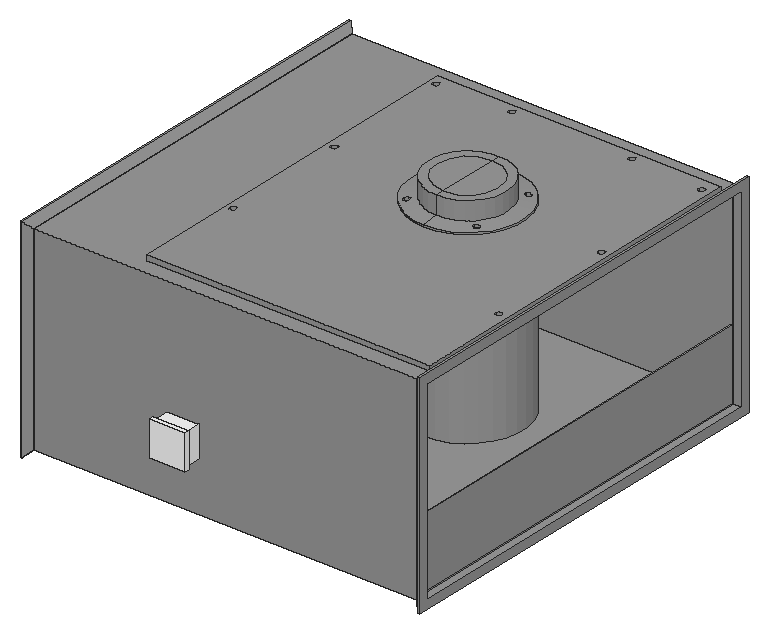
Revit family "RKB 1000x500 F3 EC_7480109", category Mechanical Equipment, Revit 2014
Parameters (values of type "RKB 1000X500 F3 EC")
  Wiring diagram = "4040147"
  Width = 1017 mm
  Weight = 83.30 kg
  Voltage range = "380-480 V"
  Voltage = 400 V
  Speed = "1630 rpm"
  Sound pressure level at 3 m = "73 dB(A)"
  Power = 3450 W
  Phase = 3
  Max. temperature of transported air when speed controlled = 60 °C
  Max. temperature of transported air = 60 °C
  Main Material = Steel, Galvanized
  Height = 624 mm
  Frequency = 50 Hz
  Elevation [instance] = 2600 mm
  Description = "UNINSULATED DUCT FANS WITH RECTANGULAR CONNECTIONS"
  Depth = 1043 mm
  Current = 5.2 A
  Connector Height = 500 mm
  Connector Width = 1000 mm
  Capacitor = "- μF"
Reference planes
  plane 1 "Center (Front/Back)": y = 0
  plane 2: z = 0
  plane 3 "Center (Left/Right)": x = 0
  plane 4: x = -508.5
  plane 5: x = 508.5
  plane 6: y = 521.5
  plane 7: y = -521.5
  plane 8: z = 2600
  plane 9: z = 3224
Dimensions and locks
  equal spacing: plane 4, plane 3 "Center (Left/Right)", plane 5
  "Width": plane 4 to plane 5
  equal spacing: plane 6, plane 1 "Center (Front/Back)", plane 7
  "Depth": plane 6 to plane 7
  "Elevation": plane 8 to level
  "Height": plane 9 to plane 8
  aligned and locked: level to plane 2
  aligned and locked: nested 1 to plane 1 "Center (Front/Back)"
  aligned and locked: plane 1 "Center (Front/Back)" to nested 2
  aligned and locked: plane 3 "Center (Left/Right)" to nested 2
  aligned and locked: nested 2 to plane 8
  aligned and locked: plane 3 "Center (Left/Right)" to nested 1
Nested families
  nested 1: "Flow direction symbol" at (0, 0, 0), type "Flow direction symbol"
  nested 2: "RKB" at (0, 0, 2563.5), type "RKB"
Connectors
  electrical at (-107.218, -555.269, 2781.959), driven by "Phase", driven by "Voltage", driven by "Power"
    settings: on nested 2, index 3, voltage 400 V, apparent load 0 VA, apparent load phase1 3450 VA, apparent load phase2 0 VA, apparent load phase3 0 VA, power factor 1, load classification "HVAC", number of poles 3, system type 31, power factor state 1, is connector primary yes, connector utility no, sub classification motor no, connector description ""
  hvac at (-487.269, 0, 2868.25), driven by "Connector Height", driven by "Connector Width"
    settings: on nested 2, index 4, duct flow 0.0 L/s, flow factor 0, pres drop 0.0 Pa, loss coef 0, conn angle 0.00°, conn width 1000 mm, conn height 500 mm, conn diameter 609.6 mm, duct sys type 1, conn prof type 1, flow config 0, flow direction 1, loss method 0, conn ref index -1, conn util no, is conn primary yes, conn desc ""
  hvac at (487.269, 0, 2868.25), driven by "Connector Height", driven by "Connector Width"
    settings: on nested 2, index 5, duct flow 0.0 L/s, flow factor 0, pres drop 0.0 Pa, loss coef 0, conn angle 0.00°, conn width 1000 mm, conn height 500 mm, conn diameter 609.6 mm, duct sys type 3, conn prof type 1, flow config 0, flow direction 2, loss method 0, conn ref index -1, conn util no, is conn primary no, conn desc ""
Definition of nested family "RKB"
  Parameters (values of type "RKB")
    Width = 1017 mm
    Main Material = Steel, Galvanized
    Height = 624 mm
    Description = ""
    Depth = 1043 mm
    Connector Width = 1000 mm
    Connector Heigth = 500 mm
  Reference planes
    plane 1 "Center (Front/Back)": y = 0
    plane 2: z = 0
    plane 3 "Center (Left/Right)": x = 0
    plane 4: x = -508.5
    plane 5: x = 508.5
    plane 6: y = 521.5
    plane 7: y = -521.5
    plane 8: z = 624
    plane 9: z = 119
    plane 10: z = 312
    plane 11: z = 62
    plane 12: y = 500
    plane 13: y = -500
    plane 14: z = 573
    plane 15: z = 36.5
    plane 16: x = 127.164
    plane 17: y = 106.389
  Forms (mm)
    Sweep 1, solid, material "Steel, Galvanized" <- "Main Material", detail levels medium+fine
      path origin (-508.5, 864.407, 1200) x (0, 1, 0) y (0, 0, 1)
        loop
          line (-342.907, -1163.5) -> (-342.907, -627) -> (-1385.907, -627) -> (-1385.907, -1163.5) -> (-342.907, -1163.5)
      profile origin (-508.5, 521.5, 304.75) x (0, -1, 0) y (1, 0, 0)
        loop
          line (22.203, 21.231) -> (16.231, 21.231) -> (0, 5) -> (0, 0) -> (22.203, 0) -> (22.203, 21.231)
    Revolve 2, solid, material "Steel, Galvanized" <- "Main Material", detail levels medium+fine
      sketch origin (127.164, -8.932, 1192.093) x (0, -1, 0) y (0, 0, 1)
        loop
          line (-115.321, -1099.268) -> (-115.321, -568.093) -> (-195.321, -568.093) -> (-215.321, -568.093) -> (-215.321, -614.104) -> (-255.321, -619.093) -> (-255.321, -1099.268) -> (-115.321, -1099.268)
        axis (-115.321, -568.093) -> (-115.321, -1099.268)
      angle from 0 to 360
    Sweep 3, void
      path origin (58.455, 35, 1200) x (-1, 0, 0) y (0, 0, 1)
        loop
          line (-1.25, -673.203) -> (-1.25, -548.203)
      profile origin (59.705, 35, 589.297) x (1, 0, 0) y (0, 1, 0)
        loop
          circle (405.854, 391.709) r 8
        loop
          circle (-21.61, 153.863) r 8
        loop
          circle (219.921, 402.771) r 8
        loop
          circle (-85.079, 402.771) r 8
        loop
          circle (-273.558, 396.934) r 8
        loop
          circle (405.854, -252.66) r 8
        loop
          circle (408.751, 69.678) r 8
        loop
          circle (-271.945, 71.362) r 8
        loop
          circle (-273.558, -247.885) r 8
        loop
          circle (156.528, 153.863) r 8
        loop
          circle (-21.61, -11.085) r 8
        loop
          circle (156.528, -11.085) r 8
    Sweep 4, solid, material "Steel, Galvanized" <- "Main Material", detail levels coarse
      path origin (0, 100, 0) x (1, 0, 0) y (0, 1, 0)
        loop
          line (-508.5, 0) -> (508.5, 0)
      profile origin (0, 100, 0) x (0, 1, 0) y (0, 0, 1)
        loop
          line (421.5, 624) -> (-621.5, 624) -> (-621.5, 36.5) -> (421.5, 36.5) -> (421.5, 624)
    Sweep 5, solid, material "Steel, Galvanized" <- "Main Material", detail levels medium+fine
      path origin (0, 0, 0) x (0, 1, 0) y (0, 0, 1)
        loop
          line (499.297, 58.703) -> (499.297, 238.703)
      profile origin (0, 499.297, 148.703) x (0, -1, 0) y (1, 0, 0)
        loop
          line (0, -487.269) -> (998.595, -487.269) -> (998.595, -484.269) -> (0, -484.269) -> (0, -487.269)
        loop
          line (0, 487.269) -> (0, 484.269) -> (998.595, 484.269) -> (998.595, 487.269) -> (0, 487.269)
    Sweep 6, solid, material "Plastic", detail levels medium+fine
      path origin (0, 0, 0) x (1, 0, 0) y (0, 1, 0)
        loop
          line (-107.218, -505.269) -> (-107.218, -545.269)
      profile origin (-107.218, -525.269, 0) x (1, 0, 0) y (0, 0, 1)
        loop
          line (-40, 178.459) -> (40, 178.459) -> (40, 258.459) -> (-40, 258.459) -> (-40, 178.459)
    Sweep 7, solid, material "Plastic", detail levels medium+fine
      path origin (0, 0, 0) x (1, 0, 0) y (0, 1, 0)
        loop
          line (-107.218, -545.269) -> (-107.218, -555.269)
      profile origin (-107.218, -550.269, 0) x (1, 0, 0) y (0, 0, 1)
        loop
          line (-45, 263.459) -> (-45, 173.459) -> (45, 173.459) -> (45, 263.459) -> (-45, 263.459)
    Extrusion 8, solid, material "Steel, Galvanized" <- "Main Material"
      sketch origin (0, 0, 140) x (0, 1, 0) y (0, 0, 1)
        loop
          line (460, 416.769) -> (460, 429.588) -> (-465.951, 429.588) -> (-465.951, 416.769) -> (460, 416.769)
      from -231.084 to 487.269
    Sweep 9, solid, material "Steel, Galvanized" <- "Main Material", detail levels medium+fine
      path origin (508.5, 864.407, 1200) x (0, 1, 0) y (0, 0, -1)
        loop
          line (-342.907, 1163.5) -> (-1385.907, 1163.5) -> (-1385.907, 627) -> (-342.907, 627) -> (-342.907, 1163.5)
      profile origin (508.5, 521.5, 304.75) x (0, 1, 0) y (-1, 0, 0)
        loop
          line (-22.203, 21.231) -> (-22.203, 0) -> (0, 0) -> (0, 5) -> (-16.231, 21.231) -> (-22.203, 21.231)
    Extrusion 10, solid, material "Steel, Galvanized" <- "Main Material"
      sketch origin (0, 0, 0) x (0, 1, 0) y (0, 0, 1)
        loop
          line (505.269, 556.769) -> (-505.269, 556.769) -> (-505.269, 52.731) -> (505.269, 52.731) -> (505.269, 556.769)
        loop
          line (499.297, 550.797) -> (-499.297, 550.797) -> (-499.297, 58.703) -> (499.297, 58.703) -> (499.297, 550.797)
      from -487.269 to 487.269
  Cuts and joins
    Sweep 3 cuts Extrusion 8
    Sweep 3 cuts Revolve 2
  Dimensions and locks
    equal spacing: plane 4, plane 3 "Center (Left/Right)", plane 5
    "Width": plane 4 to plane 5
    equal spacing: plane 6, plane 1 "Center (Front/Back)", plane 7
    "Depth": plane 6 to plane 7
    "Height": plane 8 to level
    Sweep 3 sketch curve to plane 8 to Sweep 3 sketch curve = 27.797 mm locked, 97.203 mm
    locked: plane 6 to Sweep 5 sketch curve at 22.203  (x2)
    locked: plane 4 to Sweep 5 sketch curve at 21.231
    locked: Sweep 5 sketch curve to Sweep 5 sketch curve at 3  (x2)
    locked: Sweep 5 sketch curve to plane 7 at 22.203  (x2)
    locked: Sweep 5 sketch curve to plane 6 at 22.203
    locked: Sweep 5 sketch curve to plane 5 at 21.231
    Sweep 6 sketch curve to plane 7 to Sweep 6 sketch curve = 16.231 mm, 23.769 mm
    plane 7 to Sweep 7 sketch curve to Sweep 7 sketch curve = 23.769 mm, 10 mm locked
    equal spacing: plane 8, plane 10, plane 2
    plane 10 to plane 11 = 250 mm
    "Connector Width": plane 12 to plane 13
    equal spacing: plane 12, plane 1 "Center (Front/Back)", plane 13
    plane 10 to plane 14 = 261 mm
    aligned and locked: level to plane 2
    aligned and locked: plane 15 to Sweep 1 sketch curve
    aligned and locked: Extrusion 10 to Sweep 1  (x2)
    aligned and locked: Extrusion 10 to Sweep 5
    aligned and locked: cut or joined group of Sweep 3, Extrusion 8 to Extrusion 10
    aligned and locked: cut or joined group of Revolve 2, Sweep 3 to plane 8
    aligned and locked: Sweep 9 to Sweep 4 sketch curve
    aligned and locked: Sweep 4 sketch curve to cut or joined group of Revolve 2, Sweep 3
    aligned and locked: Extrusion 10 to Sweep 9
    aligned and locked: Sweep 4 to plane 7
    aligned and locked: plane 6 to Sweep 4
  Automatic sketch dimensions
    Sweep 1 sketch curve to plane 7 = 0 mm
    Sweep 1 sketch curve to plane 6 = 0 mm
    plane 14 to Sweep 1 sketch curve = 0 mm
    Sweep 1 sketch curve to profile plane = 0 mm
    Sweep 1 sketch curve to plane 4 = 0 mm
    Sweep 1 sketch curve to profile plane = 16.231 mm
    Sweep 1 sketch curve to Sweep 1 sketch curve = 5.972 mm
    plane 4 to Sweep 1 sketch curve = 5 mm
    plane 4 to Sweep 1 sketch curve = 21.231 mm
    Sweep 4 sketch curve to plane 4 = 0 mm
    Sweep 4 sketch curve to plane 5 = 0 mm
    profile plane to Sweep 4 sketch curve = 621.5 mm
    Sweep 4 sketch curve to profile plane = 421.5 mm
    Sweep 6 sketch curve to plane 3 "Center (Left/Right)" = 107.218 mm
    profile plane to Sweep 6 sketch curve = 40 mm
    Sweep 6 sketch curve to profile plane = 40 mm
    profile plane to Sweep 6 sketch curve = 178.459 mm
    Sweep 6 sketch curve to Sweep 6 sketch curve = 80 mm
    Sweep 7 sketch curve to plane 3 "Center (Left/Right)" = 107.218 mm
    profile plane to Sweep 7 sketch curve = 45 mm
    Sweep 7 sketch curve to profile plane = 45 mm
    level to Sweep 7 sketch curve = 173.459 mm
    Sweep 7 sketch curve to Sweep 7 sketch curve = 90 mm
    Extrusion 8 sketch curve to plane 8 = 67.231 mm
    plane 13 to Extrusion 8 sketch curve = 34.049 mm
    Extrusion 8 sketch curve to plane 12 = 40 mm
    Extrusion 8 sketch curve to Extrusion 8 sketch curve = 12.819 mm
    Sweep 9 sketch curve to plane 7 = 0 mm
    Sweep 9 sketch curve to plane 6 = 0 mm
    plane 14 to Sweep 9 sketch curve = 0 mm
    Sweep 9 sketch curve to plane 15 = 0 mm
    Sweep 9 sketch curve to profile plane = 0 mm
    profile plane to Sweep 9 sketch curve = 0 mm
    profile plane to Sweep 9 sketch curve = 16.231 mm
    Sweep 9 sketch curve to Sweep 9 sketch curve = 5.972 mm
    profile plane to Sweep 9 sketch curve = 5 mm
    profile plane to Sweep 9 sketch curve = 21.231 mm
    Extrusion 10 sketch curve to plane 13 = 5.269 mm
    plane 13 to Extrusion 10 sketch curve = 0.703 mm
    Extrusion 10 sketch curve to plane 12 = 0.703 mm
    plane 12 to Extrusion 10 sketch curve = 5.269 mm
    Extrusion 10 sketch curve to plane 11 = 9.269 mm
    Extrusion 10 sketch curve to Extrusion 10 sketch curve = 5.972 mm  (x2)
    plane 14 to Extrusion 10 sketch curve = 16.231 mm
    Sweep 4 sketch curve to plane 1 "Center (Front/Back)" = 100 mm
    plane 3 "Center (Left/Right)" to Sweep 3 sketch curve = 59.705 mm
    profile plane to Sweep 3 sketch curve = 273.558 mm  (x2)
    profile plane to Sweep 3 sketch curve = 71.362 mm
    profile plane to Sweep 3 sketch curve = 271.945 mm
    profile plane to Sweep 3 sketch curve = 85.079 mm
    profile plane to Sweep 3 sketch curve = 21.61 mm  (x2)
    Sweep 3 sketch curve to profile plane = 11.085 mm  (x2)
    Sweep 3 sketch curve to profile plane = 219.921 mm
    Sweep 3 sketch curve to Sweep 3 sketch curve = 185.932 mm
    Sweep 3 sketch curve to Sweep 3 sketch curve = 249.326 mm
    profile plane to Sweep 3 sketch curve = 69.678 mm
    Sweep 3 sketch curve to Sweep 3 sketch curve = 252.223 mm
    Sweep 3 sketch curve to profile plane = 247.885 mm
    Sweep 3 sketch curve to profile plane = 252.66 mm
    Sweep 3 sketch curve to Sweep 3 sketch curve = 322.031 mm
    Sweep 3 sketch curve to Sweep 3 sketch curve = 325.572 mm
    Sweep 3 sketch curve to Sweep 3 sketch curve = 5.837 mm
    Sweep 3 sketch curve to Sweep 3 sketch curve = 11.062 mm
    plane 14 to Revolve 2 sketch curve = 0 mm
    Revolve 2 sketch curve to plane 8 = 0 mm
    Revolve 2 sketch curve to plane 17 = 0 mm  (x2)
    Revolve 2 sketch curve to plane 14 = 4.989 mm
    Revolve 2 sketch curve to Revolve 2 sketch curve = 40 mm
    Revolve 2 sketch curve to plane 9 = 26.175 mm
    Revolve 2 sketch curve to plane 15 = 3.204 mm
    plane 8 to Revolve 2 sketch curve = 18.846 mm
    Sweep 3 sketch curve to profile plane = 156.528 mm  (x2)
    profile plane to Sweep 3 sketch curve = 153.863 mm  (x2)
    Revolve 2 sketch curve to plane 17 = 100 mm
    Revolve 2 sketch curve to Revolve 2 sketch curve = 20 mm
    Sweep 5 sketch curve to plane 11 = 3.297 mm
    Sweep 5 sketch curve to plane 10 = 73.297 mm
    radius of Sweep 3 sketch curve = 8 mm  (x12)
Definition of nested family "Flow direction symbol"
  Parameters (values of type "Flow direction symbol")
    Warning = "!"
    Text = "DIMENSIONS OVERCONSTRAINT"
  Reference planes
    plane 1: y = 0
    plane 2: x = 0
  Lines and regions (mm)
    detail lines
      curve 1: line (-0.506, 0.877, 0) -> (-0.506, -0.877, 0)
      curve 2: line (1.012, 0, 0) -> (-0.506, -0.877, 0)
      curve 3: line (-0.506, 0.877, 0) -> (1.012, 0, 0)
      curve 4: circle (0, 0, 0) r 1 normal (0, 0, 1)
